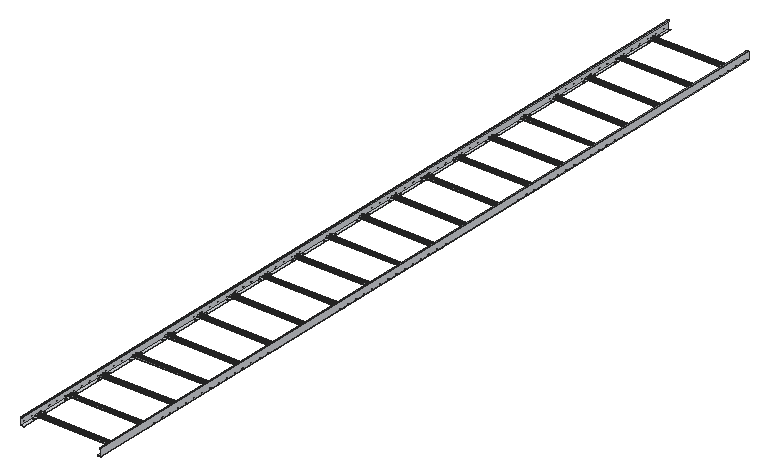
Revit family "Kabelleiter,Sprosse gelocht, geschweißt-LCIS 660 6 FS,FT,A2,A4", category Generic Models, Revit 2017 (continued)
Forms (mm)
  Extrusion 198, void
    sketch origin (0, 4500, 0) x (1, 0, 0) y (0, 1, 0)
      loop
        line (-165, 142.015) -> (-155, 142.015)
        arc (-155, 142.015) -> (-154.646, 142.162) -> (-154.5, 142.515) r 0.5
        line (-154.5, 142.515) -> (-154.5, 157.475)
        arc (-154.5, 157.475) -> (-154.646, 157.828) -> (-155, 157.975) r 0.5
        line (-155, 157.975) -> (-165, 157.975)
      loop
        arc (-145, 157.975) -> (-145.354, 157.828) -> (-145.5, 157.475) r 0.5
        line (-145.5, 157.475) -> (-145.5, 142.515)
        arc (-145.5, 142.515) -> (-145.354, 142.162) -> (-145, 142.015) r 0.5
        line (-145, 142.015) -> (-135, 142.015)
        arc (-135, 142.015) -> (-134.646, 142.162) -> (-134.5, 142.515) r 0.5
        line (-134.5, 142.515) -> (-134.5, 157.475)
        arc (-134.5, 157.475) -> (-134.646, 157.828) -> (-135, 157.975) r 0.5
        line (-135, 157.975) -> (-145, 157.975)
      loop
        arc (-122.979, 157.975) -> (-123.333, 157.828) -> (-123.479, 157.475) r 0.5
        line (-123.479, 157.475) -> (-123.479, 142.515)
        arc (-123.479, 142.515) -> (-123.333, 142.162) -> (-122.979, 142.015) r 0.5
        line (-122.979, 142.015) -> (-116.979, 142.015)
        arc (-116.979, 142.015) -> (-116.626, 142.162) -> (-116.479, 142.515) r 0.5
        line (-116.479, 142.515) -> (-116.479, 157.475)
        arc (-116.479, 157.475) -> (-116.626, 157.828) -> (-116.979, 157.975) r 0.5
        line (-116.979, 157.975) -> (-122.979, 157.975)
      loop
        arc (-105, 157.975) -> (-105.354, 157.828) -> (-105.5, 157.475) r 0.5
        line (-105.5, 157.475) -> (-105.5, 142.515)
        arc (-105.5, 142.515) -> (-105.354, 142.162) -> (-105, 142.015) r 0.5
        line (-105, 142.015) -> (-95, 142.015)
        arc (-95, 142.015) -> (-94.646, 142.162) -> (-94.5, 142.515) r 0.5
        line (-94.5, 142.515) -> (-94.5, 157.475)
        arc (-94.5, 157.475) -> (-94.646, 157.828) -> (-95, 157.975) r 0.5
        line (-95, 157.975) -> (-105, 157.975)
      loop
        arc (-83, 157.975) -> (-83.354, 157.828) -> (-83.5, 157.475) r 0.5
        line (-83.5, 157.475) -> (-83.5, 142.515)
        arc (-83.5, 142.515) -> (-83.354, 142.162) -> (-83, 142.015) r 0.5
        line (-83, 142.015) -> (-77, 142.015)
        arc (-77, 142.015) -> (-76.646, 142.162) -> (-76.5, 142.515) r 0.5
        line (-76.5, 142.515) -> (-76.5, 157.475)
        arc (-76.5, 157.475) -> (-76.646, 157.828) -> (-77, 157.975) r 0.5
        line (-77, 157.975) -> (-83, 157.975)
      loop
        arc (-65, 157.975) -> (-65.354, 157.828) -> (-65.5, 157.475) r 0.5
        line (-65.5, 157.475) -> (-65.5, 142.515)
        arc (-65.5, 142.515) -> (-65.354, 142.162) -> (-65, 142.015) r 0.5
        line (-65, 142.015) -> (-55, 142.015)
        arc (-55, 142.015) -> (-54.646, 142.162) -> (-54.5, 142.515) r 0.5
        line (-54.5, 142.515) -> (-54.5, 157.475)
        arc (-54.5, 157.475) -> (-54.646, 157.828) -> (-55, 157.975) r 0.5
        line (-55, 157.975) -> (-65, 157.975)
      loop
        arc (-45, 157.975) -> (-45.354, 157.828) -> (-45.5, 157.475) r 0.5
        line (-45.5, 157.475) -> (-45.5, 142.515)
        arc (-45.5, 142.515) -> (-45.354, 142.162) -> (-45, 142.015) r 0.5
        line (-45, 142.015) -> (-35, 142.015)
        arc (-35, 142.015) -> (-34.646, 142.162) -> (-34.5, 142.515) r 0.5
        line (-34.5, 142.515) -> (-34.5, 157.475)
        arc (-34.5, 157.475) -> (-34.646, 157.828) -> (-35, 157.975) r 0.5
        line (-35, 157.975) -> (-45, 157.975)
      loop
        arc (-23, 157.975) -> (-23.354, 157.828) -> (-23.5, 157.475) r 0.5
        line (-23.5, 157.475) -> (-23.5, 142.515)
        arc (-23.5, 142.515) -> (-23.354, 142.162) -> (-23, 142.015) r 0.5
        line (-23, 142.015) -> (-17, 142.015)
        arc (-17, 142.015) -> (-16.646, 142.162) -> (-16.5, 142.515) r 0.5
        line (-16.5, 142.515) -> (-16.5, 157.475)
        arc (-16.5, 157.475) -> (-16.646, 157.828) -> (-17, 157.975) r 0.5
        line (-17, 157.975) -> (-23, 157.975)
      loop
        arc (-5, 157.975) -> (-5.354, 157.828) -> (-5.5, 157.475) r 0.5
        line (-5.5, 157.475) -> (-5.5, 142.515)
        arc (-5.5, 142.515) -> (-5.354, 142.162) -> (-5, 142.015) r 0.5
        line (-5, 142.015) -> (5, 142.015)
        arc (5, 142.015) -> (5.354, 142.162) -> (5.5, 142.515) r 0.5
        line (5.5, 142.515) -> (5.5, 157.475)
        arc (5.5, 157.475) -> (5.354, 157.828) -> (5, 157.975) r 0.5
        line (5, 157.975) -> (-5, 157.975)
      loop
        arc (17.02, 157.975) -> (16.666, 157.828) -> (16.52, 157.475) r 0.5
        line (16.52, 157.475) -> (16.52, 142.515)
        arc (16.52, 142.515) -> (16.666, 142.162) -> (17.02, 142.015) r 0.5
        line (17.02, 142.015) -> (23.02, 142.015)
        arc (23.02, 142.015) -> (23.373, 142.162) -> (23.52, 142.515) r 0.5
        line (23.52, 142.515) -> (23.52, 157.475)
        arc (23.52, 157.475) -> (23.373, 157.828) -> (23.02, 157.975) r 0.5
        line (23.02, 157.975) -> (17.02, 157.975)
      loop
        arc (35, 157.975) -> (34.646, 157.828) -> (34.5, 157.475) r 0.5
        line (34.5, 157.475) -> (34.5, 142.515)
        arc (34.5, 142.515) -> (34.646, 142.162) -> (35, 142.015) r 0.5
        line (35, 142.015) -> (45, 142.015)
        arc (45, 142.015) -> (45.354, 142.162) -> (45.5, 142.515) r 0.5
        line (45.5, 142.515) -> (45.5, 157.475)
        arc (45.5, 157.475) -> (45.354, 157.828) -> (45, 157.975) r 0.5
        line (45, 157.975) -> (35, 157.975)
      loop
        arc (55, 157.975) -> (54.646, 157.828) -> (54.5, 157.475) r 0.5
        line (54.5, 157.475) -> (54.5, 142.515)
        arc (54.5, 142.515) -> (54.646, 142.162) -> (55, 142.015) r 0.5
        line (55, 142.015) -> (65, 142.015)
        arc (65, 142.015) -> (65.354, 142.162) -> (65.5, 142.515) r 0.5
        line (65.5, 142.515) -> (65.5, 157.475)
        arc (65.5, 157.475) -> (65.354, 157.828) -> (65, 157.975) r 0.5
        line (65, 157.975) -> (55, 157.975)
      loop
        arc (77, 157.975) -> (76.646, 157.828) -> (76.5, 157.475) r 0.5
        line (76.5, 157.475) -> (76.5, 142.515)
        arc (76.5, 142.515) -> (76.646, 142.162) -> (77, 142.015) r 0.5
        line (77, 142.015) -> (83, 142.015)
        arc (83, 142.015) -> (83.354, 142.162) -> (83.5, 142.515) r 0.5
        line (83.5, 142.515) -> (83.5, 157.475)
        arc (83.5, 157.475) -> (83.354, 157.828) -> (83, 157.975) r 0.5
        line (83, 157.975) -> (77, 157.975)
      loop
        arc (95, 157.975) -> (94.646, 157.828) -> (94.5, 157.475) r 0.5
        line (94.5, 157.475) -> (94.5, 142.515)
        arc (94.5, 142.515) -> (94.646, 142.162) -> (95, 142.015) r 0.5
        line (95, 142.015) -> (105, 142.015)
        arc (105, 142.015) -> (105.354, 142.162) -> (105.5, 142.515) r 0.5
        line (105.5, 142.515) -> (105.5, 157.475)
        arc (105.5, 157.475) -> (105.354, 157.828) -> (105, 157.975) r 0.5
        line (105, 157.975) -> (95, 157.975)
      loop
        arc (117, 157.975) -> (116.646, 157.828) -> (116.5, 157.475) r 0.5
        line (116.5, 157.475) -> (116.5, 142.515)
        arc (116.5, 142.515) -> (116.646, 142.162) -> (117, 142.015) r 0.5
        line (117, 142.015) -> (123, 142.015)
        arc (123, 142.015) -> (123.354, 142.162) -> (123.5, 142.515) r 0.5
        line (123.5, 142.515) -> (123.5, 157.475)
        arc (123.5, 157.475) -> (123.354, 157.828) -> (123, 157.975) r 0.5
        line (123, 157.975) -> (117, 157.975)
      loop
        arc (135, 157.975) -> (134.646, 157.828) -> (134.5, 157.475) r 0.5
        line (134.5, 157.475) -> (134.5, 142.545)
        arc (134.5, 142.545) -> (134.655, 142.17) -> (135.03, 142.015) r 0.53
        line (135.03, 142.015) -> (145, 142.015)
        arc (145, 142.015) -> (145.354, 142.162) -> (145.5, 142.515) r 0.5
        line (145.5, 142.515) -> (145.5, 157.475)
        arc (145.5, 157.475) -> (145.354, 157.828) -> (145, 157.975) r 0.5
        line (145, 157.975) -> (135, 157.975)
      loop
        arc (255.5, 148.475) -> (260, 143.975) -> (264.5, 148.475) r 4.5
        line (264.5, 148.475) -> (264.5, 151.475)
        arc (264.5, 151.475) -> (260, 155.975) -> (255.5, 151.475) r 4.5
        line (255.5, 151.475) -> (255.5, 148.475)
      loop
        arc (234.5, 142.515) -> (234.646, 142.162) -> (235, 142.015) r 0.5
        line (235, 142.015) -> (245, 142.015)
        arc (245, 142.015) -> (245.354, 142.162) -> (245.5, 142.515) r 0.5
        line (245.5, 142.515) -> (245.5, 157.475)
        arc (245.5, 157.475) -> (245.354, 157.828) -> (245, 157.975) r 0.5
        line (245, 157.975) -> (235, 157.975)
        arc (235, 157.975) -> (234.646, 157.828) -> (234.5, 157.475) r 0.5
        line (234.5, 157.475) -> (234.5, 142.515)
      loop
        arc (217, 157.975) -> (216.646, 157.828) -> (216.5, 157.475) r 0.5
        line (216.5, 157.475) -> (216.5, 142.529)
        arc (216.5, 142.529) -> (216.65, 142.166) -> (217.013, 142.015) r 0.513
        line (217.013, 142.015) -> (223, 142.015)
        arc (223, 142.015) -> (223.354, 142.162) -> (223.5, 142.515) r 0.5
        line (223.5, 142.515) -> (223.5, 157.475)
        arc (223.5, 157.475) -> (223.354, 157.828) -> (223, 157.975) r 0.5
        line (223, 157.975) -> (217, 157.975)
      loop
        arc (195, 157.975) -> (194.646, 157.828) -> (194.5, 157.475) r 0.5
        line (194.5, 157.475) -> (194.5, 142.515)
        arc (194.5, 142.515) -> (194.646, 142.162) -> (195, 142.015) r 0.5
        line (195, 142.015) -> (205, 142.015)
        arc (205, 142.015) -> (205.354, 142.162) -> (205.5, 142.515) r 0.5
        line (205.5, 142.515) -> (205.5, 157.475)
        arc (205.5, 157.475) -> (205.354, 157.828) -> (205, 157.975) r 0.5
        line (205, 157.975) -> (195, 157.975)
      loop
        arc (177, 157.975) -> (176.646, 157.828) -> (176.5, 157.475) r 0.5
        line (176.5, 157.475) -> (176.5, 142.515)
        arc (176.5, 142.515) -> (176.646, 142.162) -> (177, 142.015) r 0.5
        line (177, 142.015) -> (183, 142.015)
        arc (183, 142.015) -> (183.354, 142.162) -> (183.5, 142.515) r 0.5
        line (183.5, 142.515) -> (183.5, 157.475)
        arc (183.5, 157.475) -> (183.354, 157.828) -> (183, 157.975) r 0.5
        line (183, 157.975) -> (177, 157.975)
      loop
        arc (155, 157.975) -> (154.646, 157.828) -> (154.5, 157.475) r 0.5
        line (154.5, 157.475) -> (154.5, 142.015)
        arc (154.5, 142.015) -> (154.646, 141.662) -> (155, 141.515) r 0.5
        line (155, 141.515) -> (165, 141.515)
        arc (165, 141.515) -> (165.354, 141.662) -> (165.5, 142.015) r 0.5
        line (165.5, 142.015) -> (165.5, 157.475)
        arc (165.5, 157.475) -> (165.354, 157.828) -> (165, 157.975) r 0.5
        line (165, 157.975) -> (155, 157.975)
    from 1.441 to 2.93
  Extrusion 199, solid, material "Stainless steel, A4" <- "Material"
    sketch origin (0, 4800, 0) x (0, 1, 0) y (0, 0, 1)
      loop
        line (141.515, 14) -> (135.3, 14)
        arc (135.3, 14) -> (133.32, 13.18) -> (132.5, 11.2) r 2.8
        line (132.5, 11.2) -> (132.5, 4.23)
        arc (132.5, 4.23) -> (133.32, 2.25) -> (135.3, 1.43) r 2.8
        line (135.3, 1.43) -> (157.968, 1.43) -> (164.7, 1.43)
        arc (164.7, 1.43) -> (166.68, 2.25) -> (167.5, 4.23) r 2.8
        line (167.5, 4.23) -> (167.5, 11.2)
        arc (167.5, 11.2) -> (166.68, 13.18) -> (164.7, 14) r 2.8
        line (164.7, 14) -> (158.475, 14) -> (158.475, 12.5) -> (164.5, 12.5)
        arc (164.5, 12.5) -> (165.561, 12.061) -> (166, 11) r 1.5
        line (166, 11) -> (166, 4.43)
        arc (166, 4.43) -> (165.561, 3.37) -> (164.5, 2.93) r 1.5
        line (164.5, 2.93) -> (157.968, 2.93) -> (135.5, 2.93)
        arc (135.5, 2.93) -> (134.439, 3.37) -> (134, 4.43) r 1.5
        line (134, 4.43) -> (134, 11)
        arc (134, 11) -> (134.439, 12.061) -> (135.5, 12.5) r 1.5
        line (135.5, 12.5) -> (141.515, 12.5) -> (141.515, 14)
    from -298.5 to 298.5
  Extrusion 200, void
    sketch origin (0, 4800, 0) x (1, 0, 0) y (0, 1, 0)
      loop
        arc (-264.5, 148.475) -> (-260, 143.975) -> (-255.5, 148.475) r 4.5
        line (-255.5, 148.475) -> (-255.5, 151.475)
        arc (-255.5, 151.475) -> (-260, 155.975) -> (-264.5, 151.475) r 4.5
        line (-264.5, 151.475) -> (-264.5, 148.475)
      loop
        arc (-244, 157.975) -> (-244.354, 157.828) -> (-244.5, 157.475) r 0.5
        line (-244.5, 157.475) -> (-244.5, 142.515)
        arc (-244.5, 142.515) -> (-244.354, 142.162) -> (-244, 142.015) r 0.5
        line (-244, 142.015) -> (-236, 142.015)
        arc (-236, 142.015) -> (-235.646, 142.162) -> (-235.5, 142.515) r 0.5
        line (-235.5, 142.515) -> (-235.5, 157.446)
        arc (-235.5, 157.446) -> (-235.655, 157.82) -> (-236.029, 157.975) r 0.529
        line (-236.029, 157.975) -> (-244, 157.975)
      loop
        arc (-222.967, 157.975) -> (-223.321, 157.828) -> (-223.467, 157.475) r 0.5
        line (-223.467, 157.475) -> (-223.467, 142.515)
        arc (-223.467, 142.515) -> (-223.321, 142.162) -> (-222.967, 142.015) r 0.5
        line (-222.967, 142.015) -> (-216.967, 142.015)
        arc (-216.967, 142.015) -> (-216.614, 142.162) -> (-216.467, 142.515) r 0.5
        line (-216.467, 142.515) -> (-216.467, 157.475)
        arc (-216.467, 157.475) -> (-216.614, 157.828) -> (-216.967, 157.975) r 0.5
        line (-216.967, 157.975) -> (-222.967, 157.975)
      loop
        arc (-205, 157.975) -> (-205.354, 157.828) -> (-205.5, 157.475) r 0.5
        line (-205.5, 157.475) -> (-205.5, 142.515)
        arc (-205.5, 142.515) -> (-205.354, 142.162) -> (-205, 142.015) r 0.5
        line (-205, 142.015) -> (-195, 142.015)
        arc (-195, 142.015) -> (-194.646, 142.162) -> (-194.5, 142.515) r 0.5
        line (-194.5, 142.515) -> (-194.5, 157.475)
        arc (-194.5, 157.475) -> (-194.646, 157.828) -> (-195, 157.975) r 0.5
        line (-195, 157.975) -> (-205, 157.975)
      loop
        arc (-183, 157.975) -> (-183.354, 157.828) -> (-183.5, 157.475) r 0.5
        line (-183.5, 157.475) -> (-183.5, 142.515)
        arc (-183.5, 142.515) -> (-183.354, 142.162) -> (-183, 142.015) r 0.5
        line (-183, 142.015) -> (-177, 142.015)
        arc (-177, 142.015) -> (-176.646, 142.162) -> (-176.5, 142.515) r 0.5
        line (-176.5, 142.515) -> (-176.5, 157.475)
        arc (-176.5, 157.475) -> (-176.646, 157.828) -> (-177, 157.975) r 0.5
        line (-177, 157.975) -> (-183, 157.975)
      loop
        arc (-165, 157.975) -> (-165.354, 157.828) -> (-165.5, 157.475) r 0.5
        line (-165.5, 157.475) -> (-165.5, 142.515)
        arc (-165.5, 142.515) -> (-165.354, 142.162) -> (-165, 142.015) r 0.5
        line (-165, 142.015) -> (-155, 142.015)
        arc (-155, 142.015) -> (-154.646, 142.162) -> (-154.5, 142.515) r 0.5
        line (-154.5, 142.515) -> (-154.5, 157.475)
        arc (-154.5, 157.475) -> (-154.646, 157.828) -> (-155, 157.975) r 0.5
        line (-155, 157.975) -> (-165, 157.975)
      loop
        arc (-145, 157.975) -> (-145.354, 157.828) -> (-145.5, 157.475) r 0.5
        line (-145.5, 157.475) -> (-145.5, 142.515)
        arc (-145.5, 142.515) -> (-145.354, 142.162) -> (-145, 142.015) r 0.5
        line (-145, 142.015) -> (-135, 142.015)
        arc (-135, 142.015) -> (-134.646, 142.162) -> (-134.5, 142.515) r 0.5
        line (-134.5, 142.515) -> (-134.5, 157.475)
        arc (-134.5, 157.475) -> (-134.646, 157.828) -> (-135, 157.975) r 0.5
        line (-135, 157.975) -> (-145, 157.975)
      loop
        arc (-122.979, 157.975) -> (-123.333, 157.828) -> (-123.479, 157.475) r 0.5
        line (-123.479, 157.475) -> (-123.479, 142.515)
        arc (-123.479, 142.515) -> (-123.333, 142.162) -> (-122.979, 142.015) r 0.5
        line (-122.979, 142.015) -> (-116.979, 142.015)
        arc (-116.979, 142.015) -> (-116.626, 142.162) -> (-116.479, 142.515) r 0.5
        line (-116.479, 142.515) -> (-116.479, 157.475)
        arc (-116.479, 157.475) -> (-116.626, 157.828) -> (-116.979, 157.975) r 0.5
        line (-116.979, 157.975) -> (-122.979, 157.975)
      loop
        arc (-105, 157.975) -> (-105.354, 157.828) -> (-105.5, 157.475) r 0.5
        line (-105.5, 157.475) -> (-105.5, 142.515)
        arc (-105.5, 142.515) -> (-105.354, 142.162) -> (-105, 142.015) r 0.5
        line (-105, 142.015) -> (-95, 142.015)
        arc (-95, 142.015) -> (-94.646, 142.162) -> (-94.5, 142.515) r 0.5
        line (-94.5, 142.515) -> (-94.5, 157.475)
        arc (-94.5, 157.475) -> (-94.646, 157.828) -> (-95, 157.975) r 0.5
        line (-95, 157.975) -> (-105, 157.975)
      loop
        arc (-83, 157.975) -> (-83.354, 157.828) -> (-83.5, 157.475) r 0.5
        line (-83.5, 157.475) -> (-83.5, 142.515)
        arc (-83.5, 142.515) -> (-83.354, 142.162) -> (-83, 142.015) r 0.5
        line (-83, 142.015) -> (-77, 142.015)
        arc (-77, 142.015) -> (-76.646, 142.162) -> (-76.5, 142.515) r 0.5
        line (-76.5, 142.515) -> (-76.5, 157.475)
        arc (-76.5, 157.475) -> (-76.646, 157.828) -> (-77, 157.975) r 0.5
        line (-77, 157.975) -> (-83, 157.975)
      loop
        arc (-65, 157.975) -> (-65.354, 157.828) -> (-65.5, 157.475) r 0.5
        line (-65.5, 157.475) -> (-65.5, 142.515)
        arc (-65.5, 142.515) -> (-65.354, 142.162) -> (-65, 142.015) r 0.5
        line (-65, 142.015) -> (-55, 142.015)
        arc (-55, 142.015) -> (-54.646, 142.162) -> (-54.5, 142.515) r 0.5
        line (-54.5, 142.515) -> (-54.5, 157.475)
        arc (-54.5, 157.475) -> (-54.646, 157.828) -> (-55, 157.975) r 0.5
        line (-55, 157.975) -> (-65, 157.975)
      loop
        arc (-45, 157.975) -> (-45.354, 157.828) -> (-45.5, 157.475) r 0.5
        line (-45.5, 157.475) -> (-45.5, 142.515)
        arc (-45.5, 142.515) -> (-45.354, 142.162) -> (-45, 142.015) r 0.5
        line (-45, 142.015) -> (-35, 142.015)
        arc (-35, 142.015) -> (-34.646, 142.162) -> (-34.5, 142.515) r 0.5
        line (-34.5, 142.515) -> (-34.5, 157.475)
        arc (-34.5, 157.475) -> (-34.646, 157.828) -> (-35, 157.975) r 0.5
        line (-35, 157.975) -> (-45, 157.975)
      loop
        arc (-23, 157.975) -> (-23.354, 157.828) -> (-23.5, 157.475) r 0.5
        line (-23.5, 157.475) -> (-23.5, 142.515)
        arc (-23.5, 142.515) -> (-23.354, 142.162) -> (-23, 142.015) r 0.5
        line (-23, 142.015) -> (-17, 142.015)
        arc (-17, 142.015) -> (-16.646, 142.162) -> (-16.5, 142.515) r 0.5
        line (-16.5, 142.515) -> (-16.5, 157.475)
        arc (-16.5, 157.475) -> (-16.646, 157.828) -> (-17, 157.975) r 0.5
        line (-17, 157.975) -> (-23, 157.975)
      loop
        arc (-5, 157.975) -> (-5.354, 157.828) -> (-5.5, 157.475) r 0.5
        line (-5.5, 157.475) -> (-5.5, 142.515)
        arc (-5.5, 142.515) -> (-5.354, 142.162) -> (-5, 142.015) r 0.5
        line (-5, 142.015) -> (5, 142.015)
        arc (5, 142.015) -> (5.354, 142.162) -> (5.5, 142.515) r 0.5
        line (5.5, 142.515) -> (5.5, 157.475)
        arc (5.5, 157.475) -> (5.354, 157.828) -> (5, 157.975) r 0.5
        line (5, 157.975) -> (-5, 157.975)
      loop
        arc (17.02, 157.975) -> (16.666, 157.828) -> (16.52, 157.475) r 0.5
        line (16.52, 157.475) -> (16.52, 142.515)
        arc (16.52, 142.515) -> (16.666, 142.162) -> (17.02, 142.015) r 0.5
        line (17.02, 142.015) -> (23.02, 142.015)
        arc (23.02, 142.015) -> (23.373, 142.162) -> (23.52, 142.515) r 0.5
        line (23.52, 142.515) -> (23.52, 157.475)
        arc (23.52, 157.475) -> (23.373, 157.828) -> (23.02, 157.975) r 0.5
        line (23.02, 157.975) -> (17.02, 157.975)
      loop
        arc (35, 157.975) -> (34.646, 157.828) -> (34.5, 157.475) r 0.5
        line (34.5, 157.475) -> (34.5, 142.515)
        arc (34.5, 142.515) -> (34.646, 142.162) -> (35, 142.015) r 0.5
        line (35, 142.015) -> (45, 142.015)
        arc (45, 142.015) -> (45.354, 142.162) -> (45.5, 142.515) r 0.5
        line (45.5, 142.515) -> (45.5, 157.475)
        arc (45.5, 157.475) -> (45.354, 157.828) -> (45, 157.975) r 0.5
        line (45, 157.975) -> (35, 157.975)
      loop
        arc (55, 157.975) -> (54.646, 157.828) -> (54.5, 157.475) r 0.5
        line (54.5, 157.475) -> (54.5, 142.515)
        arc (54.5, 142.515) -> (54.646, 142.162) -> (55, 142.015) r 0.5
        line (55, 142.015) -> (65, 142.015)
        arc (65, 142.015) -> (65.354, 142.162) -> (65.5, 142.515) r 0.5
        line (65.5, 142.515) -> (65.5, 157.475)
        arc (65.5, 157.475) -> (65.354, 157.828) -> (65, 157.975) r 0.5
        line (65, 157.975) -> (55, 157.975)
      loop
        arc (77, 157.975) -> (76.646, 157.828) -> (76.5, 157.475) r 0.5
        line (76.5, 157.475) -> (76.5, 142.515)
        arc (76.5, 142.515) -> (76.646, 142.162) -> (77, 142.015) r 0.5
        line (77, 142.015) -> (83, 142.015)
        arc (83, 142.015) -> (83.354, 142.162) -> (83.5, 142.515) r 0.5
        line (83.5, 142.515) -> (83.5, 157.475)
        arc (83.5, 157.475) -> (83.354, 157.828) -> (83, 157.975) r 0.5
        line (83, 157.975) -> (77, 157.975)
      loop
        arc (95, 157.975) -> (94.646, 157.828) -> (94.5, 157.475) r 0.5
        line (94.5, 157.475) -> (94.5, 142.515)
        arc (94.5, 142.515) -> (94.646, 142.162) -> (95, 142.015) r 0.5
        line (95, 142.015) -> (105, 142.015)
        arc (105, 142.015) -> (105.354, 142.162) -> (105.5, 142.515) r 0.5
        line (105.5, 142.515) -> (105.5, 157.475)
        arc (105.5, 157.475) -> (105.354, 157.828) -> (105, 157.975) r 0.5
        line (105, 157.975) -> (95, 157.975)
      loop
        arc (117, 157.975) -> (116.646, 157.828) -> (116.5, 157.475) r 0.5
        line (116.5, 157.475) -> (116.5, 142.515)
        arc (116.5, 142.515) -> (116.646, 142.162) -> (117, 142.015) r 0.5
        line (117, 142.015) -> (123, 142.015)
        arc (123, 142.015) -> (123.354, 142.162) -> (123.5, 142.515) r 0.5
        line (123.5, 142.515) -> (123.5, 157.475)
        arc (123.5, 157.475) -> (123.354, 157.828) -> (123, 157.975) r 0.5
        line (123, 157.975) -> (117, 157.975)
      loop
        arc (135, 157.975) -> (134.646, 157.828) -> (134.5, 157.475) r 0.5
        line (134.5, 157.475) -> (134.5, 142.545)
        arc (134.5, 142.545) -> (134.655, 142.17) -> (135.03, 142.015) r 0.53
        line (135.03, 142.015) -> (145, 142.015)
        arc (145, 142.015) -> (145.354, 142.162) -> (145.5, 142.515) r 0.5
        line (145.5, 142.515) -> (145.5, 157.475)
        arc (145.5, 157.475) -> (145.354, 157.828) -> (145, 157.975) r 0.5
        line (145, 157.975) -> (135, 157.975)
      loop
        arc (255.5, 148.475) -> (260, 143.975) -> (264.5, 148.475) r 4.5
        line (264.5, 148.475) -> (264.5, 151.475)
        arc (264.5, 151.475) -> (260, 155.975) -> (255.5, 151.475) r 4.5
        line (255.5, 151.475) -> (255.5, 148.475)
      loop
        arc (234.5, 142.515) -> (234.646, 142.162) -> (235, 142.015) r 0.5
        line (235, 142.015) -> (245, 142.015)
        arc (245, 142.015) -> (245.354, 142.162) -> (245.5, 142.515) r 0.5
        line (245.5, 142.515) -> (245.5, 157.475)
        arc (245.5, 157.475) -> (245.354, 157.828) -> (245, 157.975) r 0.5
        line (245, 157.975) -> (235, 157.975)
        arc (235, 157.975) -> (234.646, 157.828) -> (234.5, 157.475) r 0.5
        line (234.5, 157.475) -> (234.5, 142.515)
      loop
        arc (217, 157.975) -> (216.646, 157.828) -> (216.5, 157.475) r 0.5
        line (216.5, 157.475) -> (216.5, 142.529)
        arc (216.5, 142.529) -> (216.65, 142.166) -> (217.013, 142.015) r 0.513
        line (217.013, 142.015) -> (223, 142.015)
        arc (223, 142.015) -> (223.354, 142.162) -> (223.5, 142.515) r 0.5
        line (223.5, 142.515) -> (223.5, 157.475)
        arc (223.5, 157.475) -> (223.354, 157.828) -> (223, 157.975) r 0.5
        line (223, 157.975) -> (217, 157.975)
      loop
        arc (195, 157.975) -> (194.646, 157.828) -> (194.5, 157.475) r 0.5
        line (194.5, 157.475) -> (194.5, 142.515)
        arc (194.5, 142.515) -> (194.646, 142.162) -> (195, 142.015) r 0.5
        line (195, 142.015) -> (205, 142.015)
        arc (205, 142.015) -> (205.354, 142.162) -> (205.5, 142.515) r 0.5
        line (205.5, 142.515) -> (205.5, 157.475)
        arc (205.5, 157.475) -> (205.354, 157.828) -> (205, 157.975) r 0.5
        line (205, 157.975) -> (195, 157.975)
      loop
        arc (177, 157.975) -> (176.646, 157.828) -> (176.5, 157.475) r 0.5
        line (176.5, 157.475) -> (176.5, 142.515)
        arc (176.5, 142.515) -> (176.646, 142.162) -> (177, 142.015) r 0.5
        line (177, 142.015) -> (183, 142.015)
        arc (183, 142.015) -> (183.354, 142.162) -> (183.5, 142.515) r 0.5
        line (183.5, 142.515) -> (183.5, 157.475)
        arc (183.5, 157.475) -> (183.354, 157.828) -> (183, 157.975) r 0.5
        line (183, 157.975) -> (177, 157.975)
      loop
        arc (155, 157.975) -> (154.646, 157.828) -> (154.5, 157.475) r 0.5
        line (154.5, 157.475) -> (154.5, 142.015)
        arc (154.5, 142.015) -> (154.646, 141.662) -> (155, 141.515) r 0.5
        line (155, 141.515) -> (165, 141.515)
        arc (165, 141.515) -> (165.354, 141.662) -> (165.5, 142.015) r 0.5
        line (165.5, 142.015) -> (165.5, 157.475)
        arc (165.5, 157.475) -> (165.354, 157.828) -> (165, 157.975) r 0.5
        line (165, 157.975) -> (155, 157.975)
    from 1.441 to 2.93
  Extrusion 201, solid, material "Stainless steel, A4" <- "Material"
    sketch origin (0, 5100, 0) x (0, 1, 0) y (0, 0, 1)
      loop
        line (141.515, 14) -> (135.3, 14)
        arc (135.3, 14) -> (133.32, 13.18) -> (132.5, 11.2) r 2.8
        line (132.5, 11.2) -> (132.5, 4.23)
        arc (132.5, 4.23) -> (133.32, 2.25) -> (135.3, 1.43) r 2.8
        line (135.3, 1.43) -> (157.968, 1.43) -> (164.7, 1.43)
        arc (164.7, 1.43) -> (166.68, 2.25) -> (167.5, 4.23) r 2.8
        line (167.5, 4.23) -> (167.5, 11.2)
        arc (167.5, 11.2) -> (166.68, 13.18) -> (164.7, 14) r 2.8
        line (164.7, 14) -> (158.475, 14) -> (158.475, 12.5) -> (164.5, 12.5)
        arc (164.5, 12.5) -> (165.561, 12.061) -> (166, 11) r 1.5
        line (166, 11) -> (166, 4.43)
        arc (166, 4.43) -> (165.561, 3.37) -> (164.5, 2.93) r 1.5
        line (164.5, 2.93) -> (157.968, 2.93) -> (135.5, 2.93)
        arc (135.5, 2.93) -> (134.439, 3.37) -> (134, 4.43) r 1.5
        line (134, 4.43) -> (134, 11)
        arc (134, 11) -> (134.439, 12.061) -> (135.5, 12.5) r 1.5
        line (135.5, 12.5) -> (141.515, 12.5) -> (141.515, 14)
    from -298.5 to 298.5
  Extrusion 202, void
    sketch origin (0, 5100, 0) x (1, 0, 0) y (0, 1, 0)
      loop
        arc (-264.5, 148.475) -> (-260, 143.975) -> (-255.5, 148.475) r 4.5
        line (-255.5, 148.475) -> (-255.5, 151.475)
        arc (-255.5, 151.475) -> (-260, 155.975) -> (-264.5, 151.475) r 4.5
        line (-264.5, 151.475) -> (-264.5, 148.475)
      loop
        arc (-244, 157.975) -> (-244.354, 157.828) -> (-244.5, 157.475) r 0.5
        line (-244.5, 157.475) -> (-244.5, 142.515)
        arc (-244.5, 142.515) -> (-244.354, 142.162) -> (-244, 142.015) r 0.5
        line (-244, 142.015) -> (-236, 142.015)
        arc (-236, 142.015) -> (-235.646, 142.162) -> (-235.5, 142.515) r 0.5
        line (-235.5, 142.515) -> (-235.5, 157.446)
        arc (-235.5, 157.446) -> (-235.655, 157.82) -> (-236.029, 157.975) r 0.529
        line (-236.029, 157.975) -> (-244, 157.975)
      loop
        arc (-222.967, 157.975) -> (-223.321, 157.828) -> (-223.467, 157.475) r 0.5
        line (-223.467, 157.475) -> (-223.467, 142.515)
        arc (-223.467, 142.515) -> (-223.321, 142.162) -> (-222.967, 142.015) r 0.5
        line (-222.967, 142.015) -> (-216.967, 142.015)
        arc (-216.967, 142.015) -> (-216.614, 142.162) -> (-216.467, 142.515) r 0.5
        line (-216.467, 142.515) -> (-216.467, 157.475)
        arc (-216.467, 157.475) -> (-216.614, 157.828) -> (-216.967, 157.975) r 0.5
        line (-216.967, 157.975) -> (-222.967, 157.975)
      loop
        arc (-205, 157.975) -> (-205.354, 157.828) -> (-205.5, 157.475) r 0.5
        line (-205.5, 157.475) -> (-205.5, 142.515)
        arc (-205.5, 142.515) -> (-205.354, 142.162) -> (-205, 142.015) r 0.5
        line (-205, 142.015) -> (-195, 142.015)
        arc (-195, 142.015) -> (-194.646, 142.162) -> (-194.5, 142.515) r 0.5
        line (-194.5, 142.515) -> (-194.5, 157.475)
        arc (-194.5, 157.475) -> (-194.646, 157.828) -> (-195, 157.975) r 0.5
        line (-195, 157.975) -> (-205, 157.975)
      loop
        arc (-183, 157.975) -> (-183.354, 157.828) -> (-183.5, 157.475) r 0.5
        line (-183.5, 157.475) -> (-183.5, 142.515)
        arc (-183.5, 142.515) -> (-183.354, 142.162) -> (-183, 142.015) r 0.5
        line (-183, 142.015) -> (-177, 142.015)
        arc (-177, 142.015) -> (-176.646, 142.162) -> (-176.5, 142.515) r 0.5
        line (-176.5, 142.515) -> (-176.5, 157.475)
        arc (-176.5, 157.475) -> (-176.646, 157.828) -> (-177, 157.975) r 0.5
        line (-177, 157.975) -> (-183, 157.975)
      loop
        arc (-165, 157.975) -> (-165.354, 157.828) -> (-165.5, 157.475) r 0.5
        line (-165.5, 157.475) -> (-165.5, 142.515)
        arc (-165.5, 142.515) -> (-165.354, 142.162) -> (-165, 142.015) r 0.5
        line (-165, 142.015) -> (-155, 142.015)
        arc (-155, 142.015) -> (-154.646, 142.162) -> (-154.5, 142.515) r 0.5
        line (-154.5, 142.515) -> (-154.5, 157.475)
        arc (-154.5, 157.475) -> (-154.646, 157.828) -> (-155, 157.975) r 0.5
        line (-155, 157.975) -> (-165, 157.975)
      loop
        arc (-145, 157.975) -> (-145.354, 157.828) -> (-145.5, 157.475) r 0.5
        line (-145.5, 157.475) -> (-145.5, 142.515)
        arc (-145.5, 142.515) -> (-145.354, 142.162) -> (-145, 142.015) r 0.5
        line (-145, 142.015) -> (-135, 142.015)
        arc (-135, 142.015) -> (-134.646, 142.162) -> (-134.5, 142.515) r 0.5
        line (-134.5, 142.515) -> (-134.5, 157.475)
        arc (-134.5, 157.475) -> (-134.646, 157.828) -> (-135, 157.975) r 0.5
        line (-135, 157.975) -> (-145, 157.975)
      loop
        arc (-122.979, 157.975) -> (-123.333, 157.828) -> (-123.479, 157.475) r 0.5
        line (-123.479, 157.475) -> (-123.479, 142.515)
        arc (-123.479, 142.515) -> (-123.333, 142.162) -> (-122.979, 142.015) r 0.5
        line (-122.979, 142.015) -> (-116.979, 142.015)
        arc (-116.979, 142.015) -> (-116.626, 142.162) -> (-116.479, 142.515) r 0.5
        line (-116.479, 142.515) -> (-116.479, 157.475)
        arc (-116.479, 157.475) -> (-116.626, 157.828) -> (-116.979, 157.975) r 0.5
        line (-116.979, 157.975) -> (-122.979, 157.975)
      loop
        arc (-105, 157.975) -> (-105.354, 157.828) -> (-105.5, 157.475) r 0.5
        line (-105.5, 157.475) -> (-105.5, 142.515)
        arc (-105.5, 142.515) -> (-105.354, 142.162) -> (-105, 142.015) r 0.5
        line (-105, 142.015) -> (-95, 142.015)
        arc (-95, 142.015) -> (-94.646, 142.162) -> (-94.5, 142.515) r 0.5
        line (-94.5, 142.515) -> (-94.5, 157.475)
        arc (-94.5, 157.475) -> (-94.646, 157.828) -> (-95, 157.975) r 0.5
        line (-95, 157.975) -> (-105, 157.975)
      loop
        arc (-83, 157.975) -> (-83.354, 157.828) -> (-83.5, 157.475) r 0.5
        line (-83.5, 157.475) -> (-83.5, 142.515)
        arc (-83.5, 142.515) -> (-83.354, 142.162) -> (-83, 142.015) r 0.5
        line (-83, 142.015) -> (-77, 142.015)
        arc (-77, 142.015) -> (-76.646, 142.162) -> (-76.5, 142.515) r 0.5
        line (-76.5, 142.515) -> (-76.5, 157.475)
        arc (-76.5, 157.475) -> (-76.646, 157.828) -> (-77, 157.975) r 0.5
        line (-77, 157.975) -> (-83, 157.975)
      loop
        arc (-65, 157.975) -> (-65.354, 157.828) -> (-65.5, 157.475) r 0.5
        line (-65.5, 157.475) -> (-65.5, 142.515)
        arc (-65.5, 142.515) -> (-65.354, 142.162) -> (-65, 142.015) r 0.5
        line (-65, 142.015) -> (-55, 142.015)
        arc (-55, 142.015) -> (-54.646, 142.162) -> (-54.5, 142.515) r 0.5
        line (-54.5, 142.515) -> (-54.5, 157.475)
        arc (-54.5, 157.475) -> (-54.646, 157.828) -> (-55, 157.975) r 0.5
        line (-55, 157.975) -> (-65, 157.975)
      loop
        arc (-45, 157.975) -> (-45.354, 157.828) -> (-45.5, 157.475) r 0.5
        line (-45.5, 157.475) -> (-45.5, 142.515)
        arc (-45.5, 142.515) -> (-45.354, 142.162) -> (-45, 142.015) r 0.5
        line (-45, 142.015) -> (-35, 142.015)
        arc (-35, 142.015) -> (-34.646, 142.162) -> (-34.5, 142.515) r 0.5
        line (-34.5, 142.515) -> (-34.5, 157.475)
        arc (-34.5, 157.475) -> (-34.646, 157.828) -> (-35, 157.975) r 0.5
        line (-35, 157.975) -> (-45, 157.975)
      loop
        arc (-23, 157.975) -> (-23.354, 157.828) -> (-23.5, 157.475) r 0.5
        line (-23.5, 157.475) -> (-23.5, 142.515)
        arc (-23.5, 142.515) -> (-23.354, 142.162) -> (-23, 142.015) r 0.5
        line (-23, 142.015) -> (-17, 142.015)
        arc (-17, 142.015) -> (-16.646, 142.162) -> (-16.5, 142.515) r 0.5
        line (-16.5, 142.515) -> (-16.5, 157.475)
        arc (-16.5, 157.475) -> (-16.646, 157.828) -> (-17, 157.975) r 0.5
        line (-17, 157.975) -> (-23, 157.975)
      loop
        arc (-5, 157.975) -> (-5.354, 157.828) -> (-5.5, 157.475) r 0.5
        line (-5.5, 157.475) -> (-5.5, 142.515)
        arc (-5.5, 142.515) -> (-5.354, 142.162) -> (-5, 142.015) r 0.5
        line (-5, 142.015) -> (5, 142.015)
        arc (5, 142.015) -> (5.354, 142.162) -> (5.5, 142.515) r 0.5
        line (5.5, 142.515) -> (5.5, 157.475)
        arc (5.5, 157.475) -> (5.354, 157.828) -> (5, 157.975) r 0.5
        line (5, 157.975) -> (-5, 157.975)
      loop
        arc (17.02, 157.975) -> (16.666, 157.828) -> (16.52, 157.475) r 0.5
        line (16.52, 157.475) -> (16.52, 142.515)
        arc (16.52, 142.515) -> (16.666, 142.162) -> (17.02, 142.015) r 0.5
        line (17.02, 142.015) -> (23.02, 142.015)
        arc (23.02, 142.015) -> (23.373, 142.162) -> (23.52, 142.515) r 0.5
        line (23.52, 142.515) -> (23.52, 157.475)
        arc (23.52, 157.475) -> (23.373, 157.828) -> (23.02, 157.975) r 0.5
        line (23.02, 157.975) -> (17.02, 157.975)
      loop
        arc (35, 157.975) -> (34.646, 157.828) -> (34.5, 157.475) r 0.5
        line (34.5, 157.475) -> (34.5, 142.515)
        arc (34.5, 142.515) -> (34.646, 142.162) -> (35, 142.015) r 0.5
        line (35, 142.015) -> (45, 142.015)
        arc (45, 142.015) -> (45.354, 142.162) -> (45.5, 142.515) r 0.5
        line (45.5, 142.515) -> (45.5, 157.475)
        arc (45.5, 157.475) -> (45.354, 157.828) -> (45, 157.975) r 0.5
        line (45, 157.975) -> (35, 157.975)
      loop
        arc (55, 157.975) -> (54.646, 157.828) -> (54.5, 157.475) r 0.5
        line (54.5, 157.475) -> (54.5, 142.515)
        arc (54.5, 142.515) -> (54.646, 142.162) -> (55, 142.015) r 0.5
        line (55, 142.015) -> (65, 142.015)
        arc (65, 142.015) -> (65.354, 142.162) -> (65.5, 142.515) r 0.5
        line (65.5, 142.515) -> (65.5, 157.475)
        arc (65.5, 157.475) -> (65.354, 157.828) -> (65, 157.975) r 0.5
        line (65, 157.975) -> (55, 157.975)
      loop
        arc (77, 157.975) -> (76.646, 157.828) -> (76.5, 157.475) r 0.5
        line (76.5, 157.475) -> (76.5, 142.515)
        arc (76.5, 142.515) -> (76.646, 142.162) -> (77, 142.015) r 0.5
        line (77, 142.015) -> (83, 142.015)
        arc (83, 142.015) -> (83.354, 142.162) -> (83.5, 142.515) r 0.5
        line (83.5, 142.515) -> (83.5, 157.475)
        arc (83.5, 157.475) -> (83.354, 157.828) -> (83, 157.975) r 0.5
        line (83, 157.975) -> (77, 157.975)
      loop
        arc (95, 157.975) -> (94.646, 157.828) -> (94.5, 157.475) r 0.5
        line (94.5, 157.475) -> (94.5, 142.515)
        arc (94.5, 142.515) -> (94.646, 142.162) -> (95, 142.015) r 0.5
        line (95, 142.015) -> (105, 142.015)
        arc (105, 142.015) -> (105.354, 142.162) -> (105.5, 142.515) r 0.5
        line (105.5, 142.515) -> (105.5, 157.475)
        arc (105.5, 157.475) -> (105.354, 157.828) -> (105, 157.975) r 0.5
        line (105, 157.975) -> (95, 157.975)
      loop
        arc (117, 157.975) -> (116.646, 157.828) -> (116.5, 157.475) r 0.5
        line (116.5, 157.475) -> (116.5, 142.515)
        arc (116.5, 142.515) -> (116.646, 142.162) -> (117, 142.015) r 0.5
        line (117, 142.015) -> (123, 142.015)
        arc (123, 142.015) -> (123.354, 142.162) -> (123.5, 142.515) r 0.5
        line (123.5, 142.515) -> (123.5, 157.475)
        arc (123.5, 157.475) -> (123.354, 157.828) -> (123, 157.975) r 0.5
        line (123, 157.975) -> (117, 157.975)
      loop
        arc (135, 157.975) -> (134.646, 157.828) -> (134.5, 157.475) r 0.5
        line (134.5, 157.475) -> (134.5, 142.545)
        arc (134.5, 142.545) -> (134.655, 142.17) -> (135.03, 142.015) r 0.53
        line (135.03, 142.015) -> (145, 142.015)
        arc (145, 142.015) -> (145.354, 142.162) -> (145.5, 142.515) r 0.5
        line (145.5, 142.515) -> (145.5, 157.475)
        arc (145.5, 157.475) -> (145.354, 157.828) -> (145, 157.975) r 0.5
        line (145, 157.975) -> (135, 157.975)
      loop
        arc (255.5, 148.475) -> (260, 143.975) -> (264.5, 148.475) r 4.5
        line (264.5, 148.475) -> (264.5, 151.475)
        arc (264.5, 151.475) -> (260, 155.975) -> (255.5, 151.475) r 4.5
        line (255.5, 151.475) -> (255.5, 148.475)
      loop
        arc (234.5, 142.515) -> (234.646, 142.162) -> (235, 142.015) r 0.5
        line (235, 142.015) -> (245, 142.015)
        arc (245, 142.015) -> (245.354, 142.162) -> (245.5, 142.515) r 0.5
        line (245.5, 142.515) -> (245.5, 157.475)
        arc (245.5, 157.475) -> (245.354, 157.828) -> (245, 157.975) r 0.5
        line (245, 157.975) -> (235, 157.975)
        arc (235, 157.975) -> (234.646, 157.828) -> (234.5, 157.475) r 0.5
        line (234.5, 157.475) -> (234.5, 142.515)
      loop
        arc (217, 157.975) -> (216.646, 157.828) -> (216.5, 157.475) r 0.5
        line (216.5, 157.475) -> (216.5, 142.529)
        arc (216.5, 142.529) -> (216.65, 142.166) -> (217.013, 142.015) r 0.513
        line (217.013, 142.015) -> (223, 142.015)
        arc (223, 142.015) -> (223.354, 142.162) -> (223.5, 142.515) r 0.5
        line (223.5, 142.515) -> (223.5, 157.475)
        arc (223.5, 157.475) -> (223.354, 157.828) -> (223, 157.975) r 0.5
        line (223, 157.975) -> (217, 157.975)
      loop
        arc (195, 157.975) -> (194.646, 157.828) -> (194.5, 157.475) r 0.5
        line (194.5, 157.475) -> (194.5, 142.515)
        arc (194.5, 142.515) -> (194.646, 142.162) -> (195, 142.015) r 0.5
        line (195, 142.015) -> (205, 142.015)
        arc (205, 142.015) -> (205.354, 142.162) -> (205.5, 142.515) r 0.5
        line (205.5, 142.515) -> (205.5, 157.475)
        arc (205.5, 157.475) -> (205.354, 157.828) -> (205, 157.975) r 0.5
        line (205, 157.975) -> (195, 157.975)
      loop
        arc (177, 157.975) -> (176.646, 157.828) -> (176.5, 157.475) r 0.5
        line (176.5, 157.475) -> (176.5, 142.515)
        arc (176.5, 142.515) -> (176.646, 142.162) -> (177, 142.015) r 0.5
        line (177, 142.015) -> (183, 142.015)
        arc (183, 142.015) -> (183.354, 142.162) -> (183.5, 142.515) r 0.5
        line (183.5, 142.515) -> (183.5, 157.475)
        arc (183.5, 157.475) -> (183.354, 157.828) -> (183, 157.975) r 0.5
        line (183, 157.975) -> (177, 157.975)
      loop
        arc (155, 157.975) -> (154.646, 157.828) -> (154.5, 157.475) r 0.5
        line (154.5, 157.475) -> (154.5, 142.015)
        arc (154.5, 142.015) -> (154.646, 141.662) -> (155, 141.515) r 0.5
        line (155, 141.515) -> (165, 141.515)
        arc (165, 141.515) -> (165.354, 141.662) -> (165.5, 142.015) r 0.5
        line (165.5, 142.015) -> (165.5, 157.475)
        arc (165.5, 157.475) -> (165.354, 157.828) -> (165, 157.975) r 0.5
        line (165, 157.975) -> (155, 157.975)
    from 1.441 to 2.93
  Extrusion 203, solid, material "Stainless steel, A4" <- "Material"
    sketch origin (0, 5400, 0) x (0, 1, 0) y (0, 0, 1)
      loop
        line (141.515, 14) -> (135.3, 14)
        arc (135.3, 14) -> (133.32, 13.18) -> (132.5, 11.2) r 2.8
        line (132.5, 11.2) -> (132.5, 4.23)
        arc (132.5, 4.23) -> (133.32, 2.25) -> (135.3, 1.43) r 2.8
        line (135.3, 1.43) -> (157.968, 1.43) -> (164.7, 1.43)
        arc (164.7, 1.43) -> (166.68, 2.25) -> (167.5, 4.23) r 2.8
        line (167.5, 4.23) -> (167.5, 11.2)
        arc (167.5, 11.2) -> (166.68, 13.18) -> (164.7, 14) r 2.8
        line (164.7, 14) -> (158.475, 14) -> (158.475, 12.5) -> (164.5, 12.5)
        arc (164.5, 12.5) -> (165.561, 12.061) -> (166, 11) r 1.5
        line (166, 11) -> (166, 4.43)
        arc (166, 4.43) -> (165.561, 3.37) -> (164.5, 2.93) r 1.5
        line (164.5, 2.93) -> (157.968, 2.93) -> (135.5, 2.93)
        arc (135.5, 2.93) -> (134.439, 3.37) -> (134, 4.43) r 1.5
        line (134, 4.43) -> (134, 11)
        arc (134, 11) -> (134.439, 12.061) -> (135.5, 12.5) r 1.5
        line (135.5, 12.5) -> (141.515, 12.5) -> (141.515, 14)
    from -298.5 to 298.5
  Extrusion 204, void
    sketch origin (0, 5400, 0) x (1, 0, 0) y (0, 1, 0)
      loop
        arc (-264.5, 148.475) -> (-260, 143.975) -> (-255.5, 148.475) r 4.5
        line (-255.5, 148.475) -> (-255.5, 151.475)
        arc (-255.5, 151.475) -> (-260, 155.975) -> (-264.5, 151.475) r 4.5
        line (-264.5, 151.475) -> (-264.5, 148.475)
      loop
        arc (-244, 157.975) -> (-244.354, 157.828) -> (-244.5, 157.475) r 0.5
        line (-244.5, 157.475) -> (-244.5, 142.515)
        arc (-244.5, 142.515) -> (-244.354, 142.162) -> (-244, 142.015) r 0.5
        line (-244, 142.015) -> (-236, 142.015)
        arc (-236, 142.015) -> (-235.646, 142.162) -> (-235.5, 142.515) r 0.5
        line (-235.5, 142.515) -> (-235.5, 157.446)
        arc (-235.5, 157.446) -> (-235.655, 157.82) -> (-236.029, 157.975) r 0.529
        line (-236.029, 157.975) -> (-244, 157.975)
      loop
        arc (-222.967, 157.975) -> (-223.321, 157.828) -> (-223.467, 157.475) r 0.5
        line (-223.467, 157.475) -> (-223.467, 142.515)
        arc (-223.467, 142.515) -> (-223.321, 142.162) -> (-222.967, 142.015) r 0.5
        line (-222.967, 142.015) -> (-216.967, 142.015)
        arc (-216.967, 142.015) -> (-216.614, 142.162) -> (-216.467, 142.515) r 0.5
        line (-216.467, 142.515) -> (-216.467, 157.475)
        arc (-216.467, 157.475) -> (-216.614, 157.828) -> (-216.967, 157.975) r 0.5
        line (-216.967, 157.975) -> (-222.967, 157.975)
      loop
        arc (-205, 157.975) -> (-205.354, 157.828) -> (-205.5, 157.475) r 0.5
        line (-205.5, 157.475) -> (-205.5, 142.515)
        arc (-205.5, 142.515) -> (-205.354, 142.162) -> (-205, 142.015) r 0.5
        line (-205, 142.015) -> (-195, 142.015)
        arc (-195, 142.015) -> (-194.646, 142.162) -> (-194.5, 142.515) r 0.5
        line (-194.5, 142.515) -> (-194.5, 157.475)
        arc (-194.5, 157.475) -> (-194.646, 157.828) -> (-195, 157.975) r 0.5
        line (-195, 157.975) -> (-205, 157.975)
      loop
        arc (-183, 157.975) -> (-183.354, 157.828) -> (-183.5, 157.475) r 0.5
        line (-183.5, 157.475) -> (-183.5, 142.515)
        arc (-183.5, 142.515) -> (-183.354, 142.162) -> (-183, 142.015) r 0.5
        line (-183, 142.015) -> (-177, 142.015)
        arc (-177, 142.015) -> (-176.646, 142.162) -> (-176.5, 142.515) r 0.5
        line (-176.5, 142.515) -> (-176.5, 157.475)
        arc (-176.5, 157.475) -> (-176.646, 157.828) -> (-177, 157.975) r 0.5
        line (-177, 157.975) -> (-183, 157.975)
      loop
        arc (-165, 157.975) -> (-165.354, 157.828) -> (-165.5, 157.475) r 0.5
        line (-165.5, 157.475) -> (-165.5, 142.515)
        arc (-165.5, 142.515) -> (-165.354, 142.162) -> (-165, 142.015) r 0.5
        line (-165, 142.015) -> (-155, 142.015)
        arc (-155, 142.015) -> (-154.646, 142.162) -> (-154.5, 142.515) r 0.5
        line (-154.5, 142.515) -> (-154.5, 157.475)
        arc (-154.5, 157.475) -> (-154.646, 157.828) -> (-155, 157.975) r 0.5
        line (-155, 157.975) -> (-165, 157.975)
      loop
        arc (-145, 157.975) -> (-145.354, 157.828) -> (-145.5, 157.475) r 0.5
        line (-145.5, 157.475) -> (-145.5, 142.515)
        arc (-145.5, 142.515) -> (-145.354, 142.162) -> (-145, 142.015) r 0.5
        line (-145, 142.015) -> (-135, 142.015)
        arc (-135, 142.015) -> (-134.646, 142.162) -> (-134.5, 142.515) r 0.5
        line (-134.5, 142.515) -> (-134.5, 157.475)
        arc (-134.5, 157.475) -> (-134.646, 157.828) -> (-135, 157.975) r 0.5
        line (-135, 157.975) -> (-145, 157.975)
      loop
        arc (-122.979, 157.975) -> (-123.333, 157.828) -> (-123.479, 157.475) r 0.5
        line (-123.479, 157.475) -> (-123.479, 142.515)
        arc (-123.479, 142.515) -> (-123.333, 142.162) -> (-122.979, 142.015) r 0.5
        line (-122.979, 142.015) -> (-116.979, 142.015)
        arc (-116.979, 142.015) -> (-116.626, 142.162) -> (-116.479, 142.515) r 0.5
        line (-116.479, 142.515) -> (-116.479, 157.475)
        arc (-116.479, 157.475) -> (-116.626, 157.828) -> (-116.979, 157.975) r 0.5
        line (-116.979, 157.975) -> (-122.979, 157.975)
      loop
        arc (-105, 157.975) -> (-105.354, 157.828) -> (-105.5, 157.475) r 0.5
        line (-105.5, 157.475) -> (-105.5, 142.515)
        arc (-105.5, 142.515) -> (-105.354, 142.162) -> (-105, 142.015) r 0.5
        line (-105, 142.015) -> (-95, 142.015)
        arc (-95, 142.015) -> (-94.646, 142.162) -> (-94.5, 142.515) r 0.5
        line (-94.5, 142.515) -> (-94.5, 157.475)
        arc (-94.5, 157.475) -> (-94.646, 157.828) -> (-95, 157.975) r 0.5
        line (-95, 157.975) -> (-105, 157.975)
      loop
        arc (-83, 157.975) -> (-83.354, 157.828) -> (-83.5, 157.475) r 0.5
        line (-83.5, 157.475) -> (-83.5, 142.515)
        arc (-83.5, 142.515) -> (-83.354, 142.162) -> (-83, 142.015) r 0.5
        line (-83, 142.015) -> (-77, 142.015)
        arc (-77, 142.015) -> (-76.646, 142.162) -> (-76.5, 142.515) r 0.5
        line (-76.5, 142.515) -> (-76.5, 157.475)
        arc (-76.5, 157.475) -> (-76.646, 157.828) -> (-77, 157.975) r 0.5
        line (-77, 157.975) -> (-83, 157.975)
      loop
        arc (-65, 157.975) -> (-65.354, 157.828) -> (-65.5, 157.475) r 0.5
        line (-65.5, 157.475) -> (-65.5, 142.515)
        arc (-65.5, 142.515) -> (-65.354, 142.162) -> (-65, 142.015) r 0.5
        line (-65, 142.015) -> (-55, 142.015)
        arc (-55, 142.015) -> (-54.646, 142.162) -> (-54.5, 142.515) r 0.5
        line (-54.5, 142.515) -> (-54.5, 157.475)
        arc (-54.5, 157.475) -> (-54.646, 157.828) -> (-55, 157.975) r 0.5
        line (-55, 157.975) -> (-65, 157.975)
      loop
        arc (-45, 157.975) -> (-45.354, 157.828) -> (-45.5, 157.475) r 0.5
        line (-45.5, 157.475) -> (-45.5, 142.515)
        arc (-45.5, 142.515) -> (-45.354, 142.162) -> (-45, 142.015) r 0.5
        line (-45, 142.015) -> (-35, 142.015)
        arc (-35, 142.015) -> (-34.646, 142.162) -> (-34.5, 142.515) r 0.5
        line (-34.5, 142.515) -> (-34.5, 157.475)
        arc (-34.5, 157.475) -> (-34.646, 157.828) -> (-35, 157.975) r 0.5
        line (-35, 157.975) -> (-45, 157.975)
      loop
        arc (-23, 157.975) -> (-23.354, 157.828) -> (-23.5, 157.475) r 0.5
        line (-23.5, 157.475) -> (-23.5, 142.515)
        arc (-23.5, 142.515) -> (-23.354, 142.162) -> (-23, 142.015) r 0.5
        line (-23, 142.015) -> (-17, 142.015)
        arc (-17, 142.015) -> (-16.646, 142.162) -> (-16.5, 142.515) r 0.5
        line (-16.5, 142.515) -> (-16.5, 157.475)
        arc (-16.5, 157.475) -> (-16.646, 157.828) -> (-17, 157.975) r 0.5
        line (-17, 157.975) -> (-23, 157.975)
      loop
        arc (-5, 157.975) -> (-5.354, 157.828) -> (-5.5, 157.475) r 0.5
        line (-5.5, 157.475) -> (-5.5, 142.515)
        arc (-5.5, 142.515) -> (-5.354, 142.162) -> (-5, 142.015) r 0.5
        line (-5, 142.015) -> (5, 142.015)
        arc (5, 142.015) -> (5.354, 142.162) -> (5.5, 142.515) r 0.5
        line (5.5, 142.515) -> (5.5, 157.475)
        arc (5.5, 157.475) -> (5.354, 157.828) -> (5, 157.975) r 0.5
        line (5, 157.975) -> (-5, 157.975)
      loop
        arc (17.02, 157.975) -> (16.666, 157.828) -> (16.52, 157.475) r 0.5
        line (16.52, 157.475) -> (16.52, 142.515)
        arc (16.52, 142.515) -> (16.666, 142.162) -> (17.02, 142.015) r 0.5
        line (17.02, 142.015) -> (23.02, 142.015)
        arc (23.02, 142.015) -> (23.373, 142.162) -> (23.52, 142.515) r 0.5
        line (23.52, 142.515) -> (23.52, 157.475)
        arc (23.52, 157.475) -> (23.373, 157.828) -> (23.02, 157.975) r 0.5
        line (23.02, 157.975) -> (17.02, 157.975)
      loop
        arc (35, 157.975) -> (34.646, 157.828) -> (34.5, 157.475) r 0.5
        line (34.5, 157.475) -> (34.5, 142.515)
        arc (34.5, 142.515) -> (34.646, 142.162) -> (35, 142.015) r 0.5
        line (35, 142.015) -> (45, 142.015)
        arc (45, 142.015) -> (45.354, 142.162) -> (45.5, 142.515) r 0.5
        line (45.5, 142.515) -> (45.5, 157.475)
        arc (45.5, 157.475) -> (45.354, 157.828) -> (45, 157.975) r 0.5
        line (45, 157.975) -> (35, 157.975)
      loop
        arc (55, 157.975) -> (54.646, 157.828) -> (54.5, 157.475) r 0.5
        line (54.5, 157.475) -> (54.5, 142.515)
        arc (54.5, 142.515) -> (54.646, 142.162) -> (55, 142.015) r 0.5
        line (55, 142.015) -> (65, 142.015)
        arc (65, 142.015) -> (65.354, 142.162) -> (65.5, 142.515) r 0.5
        line (65.5, 142.515) -> (65.5, 157.475)
        arc (65.5, 157.475) -> (65.354, 157.828) -> (65, 157.975) r 0.5
        line (65, 157.975) -> (55, 157.975)
      loop
        arc (77, 157.975) -> (76.646, 157.828) -> (76.5, 157.475) r 0.5
        line (76.5, 157.475) -> (76.5, 142.515)
        arc (76.5, 142.515) -> (76.646, 142.162) -> (77, 142.015) r 0.5
        line (77, 142.015) -> (83, 142.015)
        arc (83, 142.015) -> (83.354, 142.162) -> (83.5, 142.515) r 0.5
        line (83.5, 142.515) -> (83.5, 157.475)
        arc (83.5, 157.475) -> (83.354, 157.828) -> (83, 157.975) r 0.5
        line (83, 157.975) -> (77, 157.975)
      loop
        arc (95, 157.975) -> (94.646, 157.828) -> (94.5, 157.475) r 0.5
        line (94.5, 157.475) -> (94.5, 142.515)
        arc (94.5, 142.515) -> (94.646, 142.162) -> (95, 142.015) r 0.5
        line (95, 142.015) -> (105, 142.015)
        arc (105, 142.015) -> (105.354, 142.162) -> (105.5, 142.515) r 0.5
        line (105.5, 142.515) -> (105.5, 157.475)
        arc (105.5, 157.475) -> (105.354, 157.828) -> (105, 157.975) r 0.5
        line (105, 157.975) -> (95, 157.975)
      loop
        arc (117, 157.975) -> (116.646, 157.828) -> (116.5, 157.475) r 0.5
        line (116.5, 157.475) -> (116.5, 142.515)
        arc (116.5, 142.515) -> (116.646, 142.162) -> (117, 142.015) r 0.5
        line (117, 142.015) -> (123, 142.015)
        arc (123, 142.015) -> (123.354, 142.162) -> (123.5, 142.515) r 0.5
        line (123.5, 142.515) -> (123.5, 157.475)
        arc (123.5, 157.475) -> (123.354, 157.828) -> (123, 157.975) r 0.5
        line (123, 157.975) -> (117, 157.975)
      loop
        arc (135, 157.975) -> (134.646, 157.828) -> (134.5, 157.475) r 0.5
        line (134.5, 157.475) -> (134.5, 142.545)
        arc (134.5, 142.545) -> (134.655, 142.17) -> (135.03, 142.015) r 0.53
        line (135.03, 142.015) -> (145, 142.015)
        arc (145, 142.015) -> (145.354, 142.162) -> (145.5, 142.515) r 0.5
        line (145.5, 142.515) -> (145.5, 157.475)
        arc (145.5, 157.475) -> (145.354, 157.828) -> (145, 157.975) r 0.5
        line (145, 157.975) -> (135, 157.975)
      loop
        arc (255.5, 148.475) -> (260, 143.975) -> (264.5, 148.475) r 4.5
        line (264.5, 148.475) -> (264.5, 151.475)
        arc (264.5, 151.475) -> (260, 155.975) -> (255.5, 151.475) r 4.5
        line (255.5, 151.475) -> (255.5, 148.475)
      loop
        arc (234.5, 142.515) -> (234.646, 142.162) -> (235, 142.015) r 0.5
        line (235, 142.015) -> (245, 142.015)
        arc (245, 142.015) -> (245.354, 142.162) -> (245.5, 142.515) r 0.5
        line (245.5, 142.515) -> (245.5, 157.475)
        arc (245.5, 157.475) -> (245.354, 157.828) -> (245, 157.975) r 0.5
        line (245, 157.975) -> (235, 157.975)
        arc (235, 157.975) -> (234.646, 157.828) -> (234.5, 157.475) r 0.5
        line (234.5, 157.475) -> (234.5, 142.515)
      loop
        arc (217, 157.975) -> (216.646, 157.828) -> (216.5, 157.475) r 0.5
        line (216.5, 157.475) -> (216.5, 142.529)
        arc (216.5, 142.529) -> (216.65, 142.166) -> (217.013, 142.015) r 0.513
        line (217.013, 142.015) -> (223, 142.015)
        arc (223, 142.015) -> (223.354, 142.162) -> (223.5, 142.515) r 0.5
        line (223.5, 142.515) -> (223.5, 157.475)
        arc (223.5, 157.475) -> (223.354, 157.828) -> (223, 157.975) r 0.5
        line (223, 157.975) -> (217, 157.975)
      loop
        arc (195, 157.975) -> (194.646, 157.828) -> (194.5, 157.475) r 0.5
        line (194.5, 157.475) -> (194.5, 142.515)
        arc (194.5, 142.515) -> (194.646, 142.162) -> (195, 142.015) r 0.5
        line (195, 142.015) -> (205, 142.015)
        arc (205, 142.015) -> (205.354, 142.162) -> (205.5, 142.515) r 0.5
        line (205.5, 142.515) -> (205.5, 157.475)
        arc (205.5, 157.475) -> (205.354, 157.828) -> (205, 157.975) r 0.5
        line (205, 157.975) -> (195, 157.975)
      loop
        arc (177, 157.975) -> (176.646, 157.828) -> (176.5, 157.475) r 0.5
        line (176.5, 157.475) -> (176.5, 142.515)
        arc (176.5, 142.515) -> (176.646, 142.162) -> (177, 142.015) r 0.5
        line (177, 142.015) -> (183, 142.015)
        arc (183, 142.015) -> (183.354, 142.162) -> (183.5, 142.515) r 0.5
        line (183.5, 142.515) -> (183.5, 157.475)
        arc (183.5, 157.475) -> (183.354, 157.828) -> (183, 157.975) r 0.5
        line (183, 157.975) -> (177, 157.975)
      loop
        arc (155, 157.975) -> (154.646, 157.828) -> (154.5, 157.475) r 0.5
        line (154.5, 157.475) -> (154.5, 142.015)
        arc (154.5, 142.015) -> (154.646, 141.662) -> (155, 141.515) r 0.5
        line (155, 141.515) -> (165, 141.515)
        arc (165, 141.515) -> (165.354, 141.662) -> (165.5, 142.015) r 0.5
        line (165.5, 142.015) -> (165.5, 157.475)
        arc (165.5, 157.475) -> (165.354, 157.828) -> (165, 157.975) r 0.5
        line (165, 157.975) -> (155, 157.975)
    from 1.441 to 2.93
  Extrusion 205, solid, material "Stainless steel, A4" <- "Material"
    sketch origin (0, 5700, 0) x (0, 1, 0) y (0, 0, 1)
      loop
        line (141.515, 14) -> (135.3, 14)
        arc (135.3, 14) -> (133.32, 13.18) -> (132.5, 11.2) r 2.8
        line (132.5, 11.2) -> (132.5, 4.23)
        arc (132.5, 4.23) -> (133.32, 2.25) -> (135.3, 1.43) r 2.8
        line (135.3, 1.43) -> (157.968, 1.43) -> (164.7, 1.43)
        arc (164.7, 1.43) -> (166.68, 2.25) -> (167.5, 4.23) r 2.8
        line (167.5, 4.23) -> (167.5, 11.2)
        arc (167.5, 11.2) -> (166.68, 13.18) -> (164.7, 14) r 2.8
        line (164.7, 14) -> (158.475, 14) -> (158.475, 12.5) -> (164.5, 12.5)
        arc (164.5, 12.5) -> (165.561, 12.061) -> (166, 11) r 1.5
        line (166, 11) -> (166, 4.43)
        arc (166, 4.43) -> (165.561, 3.37) -> (164.5, 2.93) r 1.5
        line (164.5, 2.93) -> (157.968, 2.93) -> (135.5, 2.93)
        arc (135.5, 2.93) -> (134.439, 3.37) -> (134, 4.43) r 1.5
        line (134, 4.43) -> (134, 11)
        arc (134, 11) -> (134.439, 12.061) -> (135.5, 12.5) r 1.5
        line (135.5, 12.5) -> (141.515, 12.5) -> (141.515, 14)
    from -298.5 to 298.5
  Extrusion 206, void
    sketch origin (0, 5700, 0) x (1, 0, 0) y (0, 1, 0)
      loop
        arc (-264.5, 148.475) -> (-260, 143.975) -> (-255.5, 148.475) r 4.5
        line (-255.5, 148.475) -> (-255.5, 151.475)
        arc (-255.5, 151.475) -> (-260, 155.975) -> (-264.5, 151.475) r 4.5
        line (-264.5, 151.475) -> (-264.5, 148.475)
      loop
        arc (-244, 157.975) -> (-244.354, 157.828) -> (-244.5, 157.475) r 0.5
        line (-244.5, 157.475) -> (-244.5, 142.515)
        arc (-244.5, 142.515) -> (-244.354, 142.162) -> (-244, 142.015) r 0.5
        line (-244, 142.015) -> (-236, 142.015)
        arc (-236, 142.015) -> (-235.646, 142.162) -> (-235.5, 142.515) r 0.5
        line (-235.5, 142.515) -> (-235.5, 157.446)
        arc (-235.5, 157.446) -> (-235.655, 157.82) -> (-236.029, 157.975) r 0.529
        line (-236.029, 157.975) -> (-244, 157.975)
